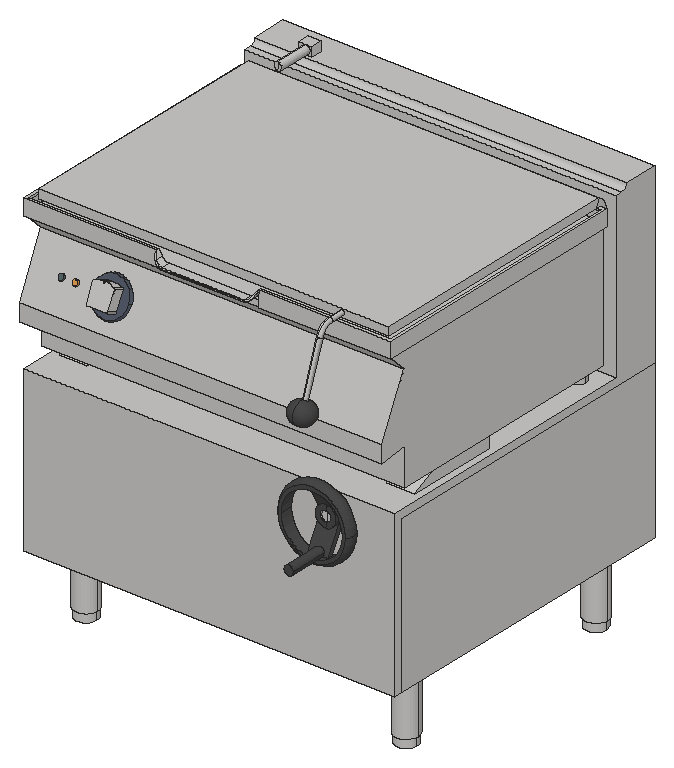
Revit family "QF_ZANUSSI_372183_Z7BREHDNFX", category Specialty Equipment, Revit 2018
Family settings
  Round Connector Dimension = Use Diameter
  Part Type = Normal
  Work Plane-Based = No
  Always vertical = Yes
  Cut with Voids When Loaded = No
  Shared = No
  Room Calculation Point = No
Parameters
  Width = 800 mm  # constant formula
  Weight in Pounds = 232  # constant formula
  Weight = 0.00 kg
  Watts = 9500 VA  # 9500 W
  Volts = 400 V  # constant formula
  URL Manufacturer = "http://www.zanussiprofessional.com"
  URL Cutsheet = "www.electrolux.com"
  URL = "http://www.zanussiprofessional.com"
  Type Mark [instance] = ""
  Steam Supply Size = 0"
  Steam Supply Minimum Pressure = 0.00 psi
  Steam Supply Maximum Pressure = 0.00 psi
  Steam Pounds per Hour = 0
  Status [instance] = ""
  Specification by User [instance] = ""
  Specification by Manufacturer = ""
  Show Logo [instance] = yes
  Show Clearance [instance] = yes
  Serial Number = ""
  Seismic Rating = ""
  SMACNA No = ""
  Revision Code [instance] = ""
  Refrigeration Suction Line Size = 0"
  Refrigeration Liquid Line Size = 0"
  Refrigerant Compressor Remote = yes
  Plumbing Remarks [instance] = ""
  Plumbing Connection Type [instance] = ""
  Phase = 3  # constant formula
  Omniclass Number and Title = ""
  Number of Poles [instance] = 1
  NAFEM Spec ID Number = ""
  Model = "Z7BREHDNFX"
  Min Ckt Ampacity = 0 A
  Max Overcurrent Protection = 0 A
  Masterspec = ""
  Manufacturer = "Zanussi"
  Length Actual = 800 mm  # constant formula
  Item Number [instance] = "372183"
  Installed By [instance] = ""
  Identify Quantity as Lot [instance] = yes
  Hot Water Size = 0"
  Height Actual = 850 mm  # constant formula
  Height = 887 mm  # constant formula
  HP = "12.7 HP"
  Gas Size = 0"
  Gas KW = 0
  Gas Input Pressure = 0.0 Btu/h
  Furnished By [instance] = ""
  Foodservice Equipment Identifier [instance] = yes
  FL Amps = if(Phase = 3, Watts / (Volts * 1.73), Watts / Volts)  # 13.7283 A
  Electrical Remarks [instance] = "400 V/3N ph/50/60 Hz"  # constant formula
  Electric Connection Type [instance] = ""
  Elec Conn RI Height [instance] = 0 mm
  Elec Conn Connection Height [instance] = 0 mm
  Direct Waste Size = 0"
  Description = "60LT EL.TILT.BRAISING PAN-DUOMAT BOTTOM"
  Depth Actual = 700 mm  # constant formula
  Depth = 828 mm  # constant formula
  Cycle [instance] = if([60 Hertz Option], 60 Hz, 50 Hz)  # 60 Hz
  Conn Plug = ""
  Conn Conduit = yes
  Condensate Return Size = 0"
  Compressed Air Volume = 0 GPM
  Compressed Air Size = 0"
  Compressed Air Pressure = 0.00 psi
  Cold Water Temperature Recommended [instance] = -459.67 °F
  Cold Water Size = 3/4"
  Cold Water RI Height [instance] = 0 mm
  Cold Water Minimum Pressure = 0.00 psi
  Cold Water Maximum Pressure = 0.00 psi
  Cold Water Flow [instance] = 0 GPM
  Cold Water Consumption = ""
  Cold Water Connection Height = 0 mm
  CSI MasterFormat = ""
  CSI Master Format = ""
  Assembly Code = ""
  Apparent Power = if(Phase = 3, Volts * FL Amps * 1.73, Volts * FL Amps)  # 9500 VA
  Accessory = yes
  60 Hertz Option [instance] = not([50 Hertz Option])  # yes
  50 Hertz Option [instance] = no
Reference planes
  plane 1 "BACK": y = 0
  plane 2: z = 0
  plane 3 "LEFT": x = 0
  plane 4 "RIGHT": x = 800
  plane 5 "FRONT": y = -828
  plane 6 "TOP": z = 887
  plane 7 "Center Y": x = 400
  plane 8 "Center X": y = -414
  plane 9 "Base": z = 150
  plane 10: y = -698.5
  plane 11: z = 502.193
  plane 12: z = 1443
  plane 13: y = -559.5
  plane 14: y = -501.5
Forms (mm)
  Revolve 1, solid, material "QF_Finishes_Stainless Steel"
    sketch origin (0, -88.9, 0) x (1, 0, 0) y (0, 0, 1)
      loop
        line (55, 0) -> (55, 150) -> (29.6, 150) -> (29.6, 19.05) -> (32.1, 19.05) -> (32.1, 0) -> (55, 0)
      axis (55, 0) -> (55, 150)
    angle from 0 to 360
  Revolve 2, solid, material "QF_Finishes_Stainless Steel"
    sketch origin (0, -598.9, 0) x (1, 0, 0) y (0, 0, 1)
      loop
        line (55, 0) -> (55, 150) -> (29.6, 150) -> (29.6, 19.05) -> (32.1, 19.05) -> (32.1, 0) -> (55, 0)
      axis (55, 0) -> (55, 150)
    angle from 0 to 360
  Revolve 3, solid, material "QF_Finishes_Stainless Steel"
    sketch origin (800, -88.9, 0) x (-1, 0, 0) y (0, 0, -1)
      loop
        line (55, 0) -> (32.1, 0) -> (32.1, -19.05) -> (29.6, -19.05) -> (29.6, -150) -> (55, -150) -> (55, 0)
      axis (55, 0) -> (55, -150)
    angle from 0 to 360
  Revolve 4, solid, material "QF_Finishes_Stainless Steel"
    sketch origin (800, -598.9, 0) x (-1, 0, 0) y (0, 0, -1)
      loop
        line (55, 0) -> (32.1, 0) -> (32.1, -19.05) -> (29.6, -19.05) -> (29.6, -150) -> (55, -150) -> (55, 0)
      axis (55, 0) -> (55, -150)
    angle from 0 to 360
  Extrusion 5, solid, material "QF_Finishes_Stainless Steel"
    sketch origin (0, 0, 150) x (-1, 0, 0) y (0, -1, 0)
      loop
        line (0, 0) -> (0, 683.5) -> (-800, 683.5) -> (-800, 0) -> (0, 0)
    from 0 to 337.193
  Extrusion 6, solid, material "QF_Finishes_Stainless Steel"
    sketch origin (0, 0, 0) x (0, 1, 0) y (0, 0, 1)
      loop
        line (0, 487.193) -> (0, 867.193) -> (-75, 867.193)
        arc (-75, 867.193) -> (-78.499, 858.747) -> (-86.945, 855.248) r 11.945
        line (-86.945, 855.248) -> (-101.945, 855.248) -> (-101.945, 502.193) -> (-698.5, 502.193) -> (-698.5, 150) -> (-683.5, 150) -> (-683.5, 487.193) -> (0, 487.193)
    from 0 to 800
  Extrusion 7, solid, material "QF_Finishes_Stainless Steel"
    sketch origin (0, 0, 0) x (0, 1, 0) y (0, 0, 1)
      loop
        line (-125.971, 533.406) -> (-125.971, 811.127) -> (-698.5, 811.127) -> (-698.5, 798.476) -> (-663.47, 763.446) -> (-720.524, 641.094) -> (-720.524, 606.094) -> (-660.971, 613.406) -> (-660.971, 533.406) -> (-125.971, 533.406)
    from 10 to 790
  Sweep 8, solid, material "QF_Finishes_Stainless Steel"
    path origin (0, 0, 150) x (-1, 0, 0) y (0, -1, 0)
      loop
        line (-510, 698.5) -> (-790, 698.5) -> (-790, 125.971) -> (-10, 125.971) -> (-10, 698.5) -> (-290, 698.5)
    profile origin (150, -698.5, 150) x (0, 1, 0) y (0, 0, 1)
      loop
        line (0, 651.359) -> (0, 681.062) -> (1, 681.062) -> (1, 685.301) -> (-5, 685.301) -> (-5, 651.359) -> (0, 651.359)
  Extrusion 9, solid, material "QF_Finishes_Stainless Steel"
    sketch origin (0, 0, 0) x (0, 1, 0) y (0, 0, 1)
      loop
        line (-129.401, 832.662) -> (-121.156, 851) -> (-686.625, 851) -> (-686.625, 832.662) -> (-129.401, 832.662)
      loop
        arc (-102.57, 826.022) -> (-109.804, 839.749) -> (-120.955, 850.539) r 49.182
        line (-120.955, 850.539) -> (-127.806, 835.301) -> (-120.971, 835.301) -> (-120.971, 821.604) -> (-102.57, 803.204) -> (-102.57, 826.022)
    from 22.259 to 777.741
  Sweep 10, solid, material "QF_Finishes_Stainless Steel"
    path origin (0, 0, 0) x (0, 1, 0) y (0, 0, 1)
      loop
        line (-686.625, 841.831) -> (-718.854, 841.831)
        arc (-718.854, 841.831) -> (-736.061, 836.406) -> (-747.044, 822.092) r 30
        line (-747.044, 822.092) -> (-785.322, 716.924)
    profile origin (0, -702.739, 841.831) x (0, 0, -1) y (1, 0, 0)
      loop
        circle (0, 676.16) r 5
  Revolve 11, solid, material "QF_Finishes_Black"
    sketch origin (676.16, 0, 0) x (0, 1, 0) y (0, 0, 1)
      loop
        line (-785.322, 716.924) -> (-792.738, 719.623)
        arc (-792.738, 719.623) -> (-818.978, 701.075) -> (-800.713, 674.638) r 22.845
        line (-800.713, 674.638) -> (-785.322, 716.924)
      axis (-785.322, 716.924) -> (-800.713, 674.638)
    angle from 0 to 360
  Revolve 12, solid, material "QF_Finishes_Black"
    sketch origin (675, 0, 0) x (0, 1, 0) y (0, 0, 1)
      loop
        line (-698.5, 467.193) -> (-698.5, 477.193) -> (-713.5, 477.193) -> (-713.5, 482.193) -> (-718.5, 482.193) -> (-718.5, 489.514) -> (-728.5, 489.514) -> (-728.5, 478.353) -> (-727.138, 478.353) -> (-727.138, 467.193) -> (-698.5, 467.193)
      axis (-698.5, 467.193) -> (-728.5, 467.193)
    angle from 0 to 360
  Sweep 13, solid, material "QF_Finishes_Black"
    path origin (0, 0, 0) x (1, 0, 0) y (0, 0, 1)
      loop
        circle (675, 467.193) r 80
    profile origin (675, 0, 547.193) x (0, 0, -1) y (0, -1, 0)
      loop
        arc (7.394, 765.784) -> (0.586, 756.102) -> (1.641, 744.313) r 17.21
        line (1.641, 744.313) -> (7.394, 740.784) -> (14.116, 740.784) -> (14.116, 765.784) -> (7.394, 765.784)
  Extrusion 14, solid, material "QF_Finishes_Black"
    sketch origin (0, 0, 0) x (0, 1, 0) y (0, 0, 1)
      loop
        line (-713.5, 457.193) -> (-713.5, 477.193) -> (-744.313, 533.065) -> (-751.622, 533.065) -> (-719.104, 474.103) -> (-719.104, 460.284) -> (-751.622, 401.321) -> (-744.313, 401.321) -> (-713.5, 457.193)
    from 654.029 to 698.392
  Extrusion 15, solid, material "QF_Finishes_Black"
    sketch origin (0, 0, 0) x (1, 0, 0) y (0, 0, 1)
      loop
        circle (675, 406.31) r 10
    from 742.86 to 828
  Extrusion 16, solid, material "QF_Finishes_Stainless Steel"
    sketch origin (0, 0, 0) x (0, 1, 0) y (0, 0, 1)
      loop
        line (-424, 533.406) -> (-560.004, 533.406) -> (-624, 502.193) -> (-424, 502.193) -> (-424, 533.406)
    from 16.63 to 76.513
  Extrusion 17, solid, material "QF_Finishes_Stainless Steel"
    sketch origin (800, 0, 0) x (0, 1, 0) y (0, 0, -1)
      loop
        line (-424, -533.406) -> (-424, -502.193) -> (-624, -502.193) -> (-560.004, -533.406) -> (-424, -533.406)
    from 16.63 to 76.513
  Extrusion 18, solid, material "QF_Finishes_Stainless Steel"
    sketch origin (0, 0, 150) x (-1, 0, 0) y (0, -1, 0)
      loop
        circle (-46.571, 145.004) r 15
      loop
        circle (-753.429, 145.004) r 15
    from 352.193 to 383.406
  Extrusion 19, solid, material "QF_Finishes_Stainless Steel"
    sketch origin (0, 0, 0) x (0, 1, 0) y (0, 0, 1)
      loop
        line (-43.387, 867.193) -> (-43.387, 887) -> (-67.444, 887) -> (-67.444, 867.193) -> (-43.387, 867.193)
    from 87.469 to 116.843
  Revolve 20, solid, material "QF_Finishes_Stainless Steel"
    sketch origin (103.25, 0, 0) x (0, 1, 0) y (0, 0, 1)
      loop
        line (-67.444, 877.097) -> (-67.444, 885.222) -> (-142.444, 885.222) -> (-142.444, 877.097) -> (-67.444, 877.097)
      axis (-142.444, 877.097) -> (-67.444, 877.097)
    angle from 0 to 360
  Extrusion 21, solid, material "QF_Finishes_Clearance", visible <- "Show Clearance", detail levels coarse
    sketch origin (0, -801.152, 398.521) x (0, 0.406737, -0.913545) y (0, 0.913545, 0.406737)
      loop
        line (-129.401, 832.662) -> (-121.156, 851) -> (-697.494, 851) -> (-697.494, 832.662) -> (-129.401, 832.662)
    from 22.259 to 777.741
  Sweep 22, solid, material "QF_Finishes_Clearance", visible <- "Show Clearance", detail levels coarse
    path origin (0, -805.573, 408.45) x (0, 0.406737, -0.913545) y (0, 0.913545, 0.406737)
      loop
        line (-686.625, 841.831) -> (-718.854, 841.831)
        arc (-718.854, 841.831) -> (-736.061, 836.406) -> (-747.044, 822.092) r 30
        line (-747.044, 822.092) -> (-785.322, 716.924)
    profile origin (0, -322.352, 1392.837) x (0, -0.913545, -0.406737) y (1, 0, 0)
      loop
        circle (0, 676.16) r 5
  Revolve 23, solid, material "QF_Finishes_Clearance", visible <- "Show Clearance", detail levels coarse
    sketch origin (676.16, -805.573, 408.45) x (0, 0.406737, -0.913545) y (0, 0.913545, 0.406737)
      loop
        line (-785.322, 716.924) -> (-792.738, 719.623)
        arc (-792.738, 719.623) -> (-818.978, 701.075) -> (-800.713, 674.638) r 22.845
        line (-800.713, 674.638) -> (-785.322, 716.924)
      axis (-785.322, 716.924) -> (-800.713, 674.638)
    angle from 0 to 360
  Extrusion 24, solid, material "QF_Finishes_Stainless Steel"
    sketch origin (0, 0, 0) x (1, 0, 0) y (0, 0, 1)
      loop
        line (510, 828.805) -> (510, 835.205) -> (502.68, 822.527)
        arc (502.68, 822.527) -> (496.677, 816.524) -> (488.477, 814.327) r 16.4
        line (488.477, 814.327) -> (311.53, 814.327)
        arc (311.53, 814.327) -> (303.324, 816.526) -> (297.316, 822.534) r 16.413
        line (297.316, 822.534) -> (290, 835.205) -> (290, 828.805) -> (294.545, 820.934)
        arc (294.545, 820.934) -> (301.724, 813.755) -> (311.53, 811.127) r 19.613
        line (311.53, 811.127) -> (488.477, 811.127)
        arc (488.477, 811.127) -> (498.277, 813.753) -> (505.452, 820.927) r 19.6
        line (505.452, 820.927) -> (510, 828.805)
    from 697.5 to 717.595
  Extrusion 25, void
    sketch origin (0, 0, 0) x (0, 1, 0) y (0, 0, 1)
      loop
        line (-720.087, 808.369) -> (-702.971, 836.16) -> (-720.087, 836.16) -> (-720.087, 808.369)
    from 290 to 510
  Extrusion 26, solid, material "QF_Finishes_Stainless Steel"
    sketch origin (0, 0, 0) x (0, 1, 0) y (0, 0, 1)
      loop
        circle (-559.5, 326) r 6.35
    from 366.631 to 389
  Extrusion 27, solid, material "QF_Finishes_Stainless Steel"
    sketch origin (0, 0, 0) x (1, 0, 0) y (0, 0, 1)
      loop
        circle (340, 221) r 3.175
    from 501.5 to 519.119
  Extrusion 28, solid, material "QF_Finishes_Clearance", visible <- "Show Clearance", detail levels coarse
    sketch origin (0, 0, 0) x (1, 0, 0) y (0, 1, 0)
      loop
        line (800, 0) -> (800, -703.5) -> (850, -703.5) -> (850, 50) -> (-50, 50) -> (-50, -703.5) -> (0, -703.5) -> (0, 0) -> (800, 0)
    from 0 to 920
  Extrusion 29, solid, material "QF_Plastic-Black-Matte"
    sketch origin (127.5, -691.997, 702.27) x (0, 0.422618, 0.906308) y (0, 0.906308, -0.422618)
      loop
        line (26.984, -34) -> (23.984, -34) -> (23.984, -35) -> (26.984, -35)
        arc (26.984, -35) -> (27.691, -34.707) -> (27.984, -34) r 1
        line (27.984, -34) -> (27.984, -19) -> (26.984, -19) -> (26.984, -34)
    from -58.5 to -56.5
  Extrusion 30, solid, material "QF_Finishes_Stainless Steel"
    sketch origin (185, -691.997, 702.27) x (-1, 0, 0) y (0, -0.422618, -0.906308)
      loop
        line (17.5, -17.5) -> (17.5, 17.5) -> (-17.5, 17.5) -> (-17.5, -17.5) -> (17.5, -17.5)
    from 5 to 10
  Extrusion 31, solid, material "QF_Finishes_Stainless Steel"
    sketch origin (185, -691.997, 702.27) x (-1, 0, 0) y (0, -0.422618, -0.906308)
      loop
        arc (-21.147, -22.789) -> (0, -26.984) -> (21.147, -22.789) r 55.4
        arc (21.147, -22.789) -> (22.494, -21.685) -> (23, -20.019) r 2.997
        line (23, -20.019) -> (23, 20.019)
        arc (23, 20.019) -> (22.122, 22.138) -> (20.003, 23.016) r 2.997
        line (20.003, 23.016) -> (-20.003, 23.016)
        arc (-20.003, 23.016) -> (-22.122, 22.138) -> (-23, 20.019) r 2.997
        line (-23, 20.019) -> (-23, -20.019)
        arc (-23, -20.019) -> (-22.494, -21.685) -> (-21.147, -22.789) r 2.997
    from 10 to 34
  Blend 32, solid, material "QF_Finishes_Navy Blue"
    base sketch origin (185, -691.997, 702.27) x (1, 0, 0) y (0, 0.422618, 0.906308)
      loop
        circle (0, 0) r 42.5
    top sketch origin (185, -691.997, 702.27) x (1, 0, 0) y (0, 0.422618, 0.906308)
      loop
        circle (0, 0) r 40.5
    from 0 to 5
  Extrusion 33, solid, material "QF_Finishes_Orange"
    sketch origin (-292.768, -846.834, 370.221) x (0, 0.422618, 0.906308) y (-1, 0, 0)
      loop
        circle (366.376, -400) r 6
    from 0 to 1.6
  Extrusion 34, solid, material "QF_Finishes_DarkGreen"
    sketch origin (-322.768, -846.834, 370.221) x (0, 0.422618, 0.906308) y (-1, 0, 0)
      loop
        circle (366.376, -400) r 6
    from 0 to 1.6
Cuts and joins
  Extrusion 25 cuts Extrusion 24
  joined: Extrusion 7, Sweep 8, Extrusion 24
Lines and regions (mm)
  Split face 1
    outline origin (185, -696.528, 704.383) x (1, 0, 0) y (0, 0.422618, 0.906308)
      loop
        arc (-0.521, 36.501) -> (-26.491, 26.394) -> (-37.708, 0.884) r 36.411
        line (-37.708, 0.884) -> (-31.708, 0.884)
        arc (-31.708, 0.884) -> (-21.998, 23.844) -> (-0.521, 36.501) r 39.733
  Split face 2
    outline origin (185, -696.528, 704.383) x (1, 0, 0) y (0, 0.422618, 0.906308)
      loop
        circle (-30.633, -14.752) r 1.5
  Split face 3
    outline origin (185, -696.528, 704.383) x (1, 0, 0) y (0, 0.422618, 0.906308)
      loop
        circle (-21.199, -26.582) r 1.5
  Split face 4
    outline origin (185, -696.528, 704.383) x (1, 0, 0) y (0, 0.422618, 0.906308)
      loop
        circle (-7.566, -33.148) r 1.5
  Split face 5
    outline origin (185, -696.528, 704.383) x (1, 0, 0) y (0, 0.422618, 0.906308)
      loop
        circle (7.566, -33.148) r 1.5
  Split face 6
    outline origin (185, -696.528, 704.383) x (1, 0, 0) y (0, 0.422618, 0.906308)
      loop
        circle (21.199, -26.582) r 1.5
  Split face 7
    outline origin (185, -696.528, 704.383) x (1, 0, 0) y (0, 0.422618, 0.906308)
      loop
        circle (30.633, -14.752) r 1.5
  Split face 8
    outline origin (185, -696.528, 704.383) x (1, 0, 0) y (0, 0.422618, 0.906308)
      loop
        circle (34, 0) r 1.5
  Split face 9
    outline origin (185, -696.528, 704.383) x (1, 0, 0) y (0, -0.422618, -0.906308)
      loop
        circle (30.633, -14.752) r 1.5
  Split face 10
    outline origin (185, -696.528, 704.383) x (1, 0, 0) y (0, -0.422618, -0.906308)
      loop
        circle (21.199, -26.582) r 1.5
  symbolic lines
    curve 1: line (0, -703.5, 150) -> (289.945, -703.5, 150)
    curve 2: line (10, -720.524, 150) -> (10, -703.5, 150)
    curve 3: line (790, -720.524, 150) -> (681.16, -720.524, 150)
    curve 4: line (790, -703.5, 150) -> (790, -720.524, 150)
    curve 5: line (289.945, -703.5, 150) -> (304.541, -717.595, 150)
    curve 6: line (304.541, -717.595, 150) -> (495.459, -717.595, 150)
    curve 7: line (510.055, -703.5, 150) -> (495.459, -717.595, 150)
    curve 8: line (510.055, -703.5, 150) -> (671.16, -703.5, 150)
    curve 9: line (11, -697.5, 150) -> (789, -697.5, 150)
    curve 10: line (11, -126.971, 150) -> (11, -697.5, 150)
    curve 11: line (789, -697.5, 150) -> (789, -126.971, 150)
    curve 12: line (5, -120.971, 150) -> (5, -703.5, 150)
    curve 13: line (0, 0, 150) -> (0, -703.5, 150)
    curve 14: line (800, -703.5, 150) -> (800, 0, 150)
    curve 15: line (795, -703.5, 150) -> (795, -120.971, 150)
    curve 16: line (0, -101.945, 150) -> (95.125, -101.945, 150)
    curve 17: line (0, -75, 150) -> (95.125, -75, 150)
    curve 18: line (5, -120.971, 150) -> (95.125, -120.971, 150)
    curve 19: line (789, -126.971, 150) -> (111.375, -126.971, 150)
    curve 20: line (95.125, -142.444, 150) -> (111.375, -142.444, 150)
    curve 21: line (95.125, -67.444, 150) -> (95.125, -142.444, 150)
    curve 22: line (111.375, -142.444, 150) -> (111.375, -67.444, 150)
    curve 23: line (87.469, -67.444, 150) -> (116.843, -67.444, 150)
    curve 24: line (87.469, -43.387, 150) -> (87.469, -67.444, 150)
    curve 25: line (116.843, -43.387, 150) -> (87.469, -43.387, 150)
    curve 26: line (116.843, -67.444, 150) -> (116.843, -43.387, 150)
    curve 27: line (111.375, -75, 150) -> (800, -75, 150)
    curve 28: line (111.375, -101.945, 150) -> (800, -101.945, 150)
    curve 29: line (111.375, -120.971, 150) -> (795, -120.971, 150)
    curve 30: line (95.125, -126.971, 150) -> (11, -126.971, 150)
    curve 31: line (90.125, -126.971, 150) -> (90.125, -139.636, 150)
    curve 32: line (116.375, -126.971, 150) -> (116.375, -139.636, 150)
    curve 33: arc (90.125, -139.636, 150) -> (103.25, -152.761, 150) -> (116.375, -139.636, 150) r 13.125
    curve 34: spline (676.16, -792.738, 150) -> (677.763, -792.583, 150) -> (679.3, -792.125, 150) -> (680.705, -791.384, 150) -> (681.921, -790.39, 150) -> (682.897, -789.184, 150) -> (683.591, -787.817, 150) -> (683.976, -786.346, 150) -> (684.034, -784.833, 150) -> (683.764, -783.339, 150) -> (683.176, -781.929, 150) -> (682.296, -780.66, 150) -> (681.16, -779.586, 150)
    curve 35: spline (681.16, -785.322, 150) -> (681.117, -785.936, 150) -> (680.99, -786.539, 150) -> (680.78, -787.12, 150) -> (680.49, -787.672, 150) -> (680.127, -788.183, 150) -> (679.696, -788.645, 150) -> (679.204, -789.05, 150) -> (678.66, -789.391, 150) -> (678.074, -789.663, 150) -> (677.454, -789.861, 150) -> (676.813, -789.981, 150) -> (676.16, -790.021, 150)
    curve 36: spline (676.16, -790.021, 150) -> (675.507, -789.981, 150) -> (674.866, -789.861, 150) -> (674.247, -789.663, 150) -> (673.66, -789.391, 150) -> (673.116, -789.05, 150) -> (672.625, -788.645, 150) -> (672.193, -788.183, 150) -> (671.83, -787.672, 150) -> (671.541, -787.12, 150) -> (671.33, -786.539, 150) -> (671.203, -785.936, 150) -> (671.16, -785.322, 150)
    curve 37: spline (671.16, -779.586, 150) -> (670.024, -780.66, 150) -> (669.144, -781.929, 150) -> (668.557, -783.339, 150) -> (668.286, -784.833, 150) -> (668.345, -786.346, 150) -> (668.729, -787.817, 150) -> (669.424, -789.184, 150) -> (670.399, -790.39, 150) -> (671.615, -791.384, 150) -> (673.02, -792.125, 150) -> (674.557, -792.583, 150) -> (676.16, -792.738, 150)
    curve 38: line (665, -828, 150) -> (685, -828, 150)
    curve 39: line (665, -816.861, 150) -> (665, -828, 150)
    curve 40: line (685, -828, 150) -> (685, -817.805, 150)
    curve 41: arc (671.16, -766.632, 150) -> (676.16, -819.318, 150) -> (681.16, -766.632, 150) r 26.58
    curve 42: line (602.394, -765.784, 150) -> (671.16, -765.784, 150)
    curve 43: line (596.641, -744.313, 150) -> (671.16, -744.313, 150)
    curve 44: line (602.394, -740.784, 150) -> (671.16, -740.784, 150)
    curve 45: line (747.606, -740.784, 150) -> (753.359, -744.313, 150)
    curve 46: arc (747.606, -765.784, 150) -> (754.475, -756.118, 150) -> (753.359, -744.313, 150) r 17.007
    curve 47: line (602.394, -740.784, 150) -> (596.641, -744.313, 150)
    curve 48: arc (602.394, -765.784, 150) -> (595.525, -756.118, 150) -> (596.641, -744.313, 150) r 17.007
    curve 49: line (664.934, -768.644, 150) -> (664.934, -765.784, 150)
    curve 50: line (685.084, -767.7, 150) -> (685.084, -765.784, 150)
    curve 51: line (671.16, -785.322, 150) -> (671.16, -697.5, 150)
    curve 52: line (681.16, -785.322, 150) -> (681.16, -697.5, 150)
    curve 53: line (681.16, -703.5, 150) -> (800, -703.5, 150)
    curve 54: line (671.16, -720.524, 150) -> (208, -720.524, 150)
    curve 55: line (681.16, -740.784, 150) -> (747.606, -740.784, 150)
    curve 56: line (681.16, -744.313, 150) -> (753.359, -744.313, 150)
    curve 57: line (681.16, -765.784, 150) -> (747.606, -765.784, 150)
    curve 58: line (654.029, -740.784, 150) -> (654.029, -720.524, 150)
    curve 59: line (698.392, -740.784, 150) -> (698.392, -720.524, 150)
    curve 60: line (22.259, -686.625, 150) -> (22.259, -126.971, 150)
    curve 61: line (22.259, -686.625, 150) -> (777.741, -686.625, 150)
    curve 62: line (777.741, -686.625, 150) -> (777.741, -126.971, 150)
    curve 63: line (162, -720.524, 150) -> (10, -720.524, 150)
    curve 64: line (0, 0, 150) -> (800, 0, 150)
    curve 68: spline (148.012, -703.5, 0) -> (148.802, -704.205, 0) -> (149.668, -704.895, 0) -> (150.608, -705.567, 0) -> (151.619, -706.22, 0) -> (152.699, -706.854, 0) -> (153.847, -707.465, 0) -> (155.059, -708.054, 0) -> (156.334, -708.619, 0) -> (157.668, -709.159, 0) -> (159.059, -709.673, 0) -> (160.504, -710.159, 0) -> (162, -710.617, 0)
    curve 69: line (162, -703.5, 0) -> (162, -731.272, 0)
    curve 70: spline (206.147, -713.18, 0) -> (204.543, -712.913, 0) -> (202.92, -712.666, 0) -> (201.279, -712.441, 0) -> (199.623, -712.238, 0) -> (197.952, -712.056, 0) -> (196.269, -711.897, 0) -> (194.576, -711.76, 0) -> (192.872, -711.645, 0) -> (191.162, -711.553, 0) -> (189.445, -711.483, 0) -> (187.724, -711.436, 0) -> (186, -711.411, 0)
    curve 71: line (208, -731.272, 0) -> (208, -703.5, 0)
    curve 72: spline (205.003, -732.538, 0) -> (205.394, -732.528, 0) -> (205.778, -732.495, 0) -> (206.15, -732.442, 0) -> (206.501, -732.369, 0) -> (206.827, -732.277, 0) -> (207.122, -732.167, 0) -> (207.381, -732.043, 0) -> (207.598, -731.905, 0) -> (207.772, -731.756, 0) -> (207.898, -731.6, 0) -> (207.974, -731.437, 0) -> (208, -731.272, 0)
    curve 73: line (164.997, -732.538, 0) -> (205.003, -732.538, 0)
    curve 74: spline (162, -731.272, 0) -> (162.026, -731.437, 0) -> (162.102, -731.6, 0) -> (162.228, -731.756, 0) -> (162.402, -731.905, 0) -> (162.619, -732.043, 0) -> (162.878, -732.167, 0) -> (163.173, -732.277, 0) -> (163.499, -732.369, 0) -> (163.85, -732.442, 0) -> (164.222, -732.495, 0) -> (164.606, -732.528, 0) -> (164.997, -732.538, 0)
    curve 75: line (184, -703.924, 0) -> (184, -713.639, 0)
    curve 76: line (186, -713.639, 0) -> (186, -703.924, 0)
    curve 77: spline (208, -710.617, 0) -> (209.496, -710.159, 0) -> (210.941, -709.673, 0) -> (212.332, -709.159, 0) -> (213.666, -708.619, 0) -> (214.941, -708.054, 0) -> (216.153, -707.465, 0) -> (217.301, -706.854, 0) -> (218.381, -706.22, 0) -> (219.392, -705.567, 0) -> (220.332, -704.895, 0) -> (221.198, -704.205, 0) -> (221.988, -703.5, 0)
    curve 78: spline (184, -711.411, 0) -> (182.276, -711.436, 0) -> (180.555, -711.483, 0) -> (178.838, -711.553, 0) -> (177.128, -711.645, 0) -> (175.424, -711.76, 0) -> (173.731, -711.897, 0) -> (172.048, -712.056, 0) -> (170.377, -712.238, 0) -> (168.721, -712.441, 0) -> (167.081, -712.666, 0) -> (165.457, -712.913, 0) -> (163.853, -713.18, 0)
  symbolic lines, style "QF-Clearances", visible <- "Show Clearance", detail levels coarse
    curve 65: line (-50, 50, 150) -> (-50, -703.5, 150)
    curve 66: line (850, 50, 150) -> (850, -703.5, 150)
    curve 67: line (850, 50, 150) -> (-50, 50, 150)
Dimensions and locks
  equal spacing: plane 3 "LEFT", plane 7 "Center Y", plane 4 "RIGHT"
  "Width": plane 3 "LEFT" to plane 4 "RIGHT"
  equal spacing: plane 5 "FRONT", plane 8 "Center X", plane 1 "BACK"
  "Depth": plane 5 "FRONT" to plane 1 "BACK"
  "Height": plane 6 "TOP" to level
  plane 9 "Base" to level = 150 mm
  plane 1 "BACK" to plane 10 = 698.5 mm
  plane 12 to level = 1443 mm
  Extrusion 26 to plane 3 "LEFT" = 389 mm
  Extrusion 26 to plane 9 "Base" = 176 mm
  plane 13 to plane 10 = 139 mm
  plane 14 to plane 10 = 197 mm
  aligned and locked: level to plane 2
  aligned and locked: plane 4 "RIGHT" to Extrusion 6
Automatic sketch dimensions
  Revolve 11 sketch curve to plane 5 "FRONT" = 27.287 mm
  Revolve 11 sketch curve to Revolve 11 sketch curve = 0 mm  (x4)
  Revolve 11 sketch curve to Revolve 11 sketch curve = 4.229 mm
  Revolve 11 sketch curve to Revolve 11 sketch curve = 3.746 mm
  Revolve 11 sketch curve to Revolve 11 sketch curve = 7.415 mm
  plane 11 to Revolve 11 sketch curve = 172.444 mm
  Revolve 11 sketch curve to Revolve 11 sketch curve = 22.45 mm
  Extrusion 21 sketch curve to plane 12 = 68.613 mm
  plane 8 "Center X" to Extrusion 21 sketch curve = 89.827 mm
  Extrusion 21 sketch curve to Extrusion 21 sketch curve = 568.093 mm
  Extrusion 21 sketch curve to Extrusion 21 sketch curve = 8.244 mm
  Extrusion 21 sketch curve to Extrusion 21 sketch curve = 18.338 mm
  Sweep 22 sketch curve to plane 12 = 25.524 mm
  Sweep 22 sketch curve to plane 8 "Center X" = 56.05 mm
  Sweep 22 sketch curve to Sweep 22 sketch curve = 38.278 mm
  Sweep 22 sketch curve to Sweep 22 sketch curve = 28.191 mm
  Sweep 22 sketch curve to Sweep 22 sketch curve = 32.229 mm
  Sweep 22 sketch curve to Sweep 22 sketch curve = 94.908 mm
  Sweep 22 sketch curve to Sweep 22 sketch curve = 10.261 mm
  Sweep 22 sketch curve to profile plane = 0 mm
  profile plane to Sweep 22 sketch curve = 676.16 mm
  Revolve 23 sketch curve to plane 12 = 28.663 mm
  Revolve 23 sketch curve to plane 8 "Center X" = 100.94 mm
  Revolve 23 sketch curve to Revolve 23 sketch curve = 0 mm  (x4)
  Revolve 23 sketch curve to Revolve 23 sketch curve = 4.229 mm
  Revolve 23 sketch curve to Revolve 23 sketch curve = 3.746 mm
  Revolve 23 sketch curve to Revolve 23 sketch curve = 7.415 mm
  Revolve 23 sketch curve to Revolve 23 sketch curve = 22.45 mm
  Extrusion 24 sketch curve to Extrusion 24 sketch curve = 0 mm  (x4)
  Extrusion 24 sketch curve to plane 7 "Center Y" = 110 mm
  Extrusion 24 sketch curve to plane 6 "TOP" = 66.066 mm
  Extrusion 24 sketch curve to Extrusion 24 sketch curve = 4.545 mm
  Extrusion 24 sketch curve to Extrusion 24 sketch curve = 2.771 mm  (x2)
  Extrusion 24 sketch curve to Extrusion 24 sketch curve = 14.214 mm
  plane 7 "Center Y" to Extrusion 24 sketch curve = 88.477 mm
  Extrusion 24 sketch curve to Extrusion 24 sketch curve = 14.203 mm
  Extrusion 24 sketch curve to plane 6 "TOP" = 66.073 mm
  Extrusion 24 sketch curve to plane 6 "TOP" = 51.795 mm
  Extrusion 24 sketch curve to Extrusion 24 sketch curve = 7.32 mm
  Extrusion 24 sketch curve to Extrusion 24 sketch curve = 6.6 mm
  Extrusion 24 sketch curve to Extrusion 24 sketch curve = 3.2 mm
  Extrusion 24 sketch curve to Extrusion 24 sketch curve = 6.4 mm  (x2)
  Extrusion 24 sketch curve to Extrusion 24 sketch curve = 7.872 mm
  Extrusion 27 sketch curve to plane 7 "Center Y" = 60 mm
  plane 9 "Base" to Extrusion 27 sketch curve = 71 mm
  Extrusion 16 sketch curve to plane 11 = 0 mm
  plane 13 to Extrusion 16 sketch curve = 64.5 mm
  plane 13 to Extrusion 16 sketch curve = 0.504 mm
  Extrusion 16 sketch curve to plane 8 "Center X" = 10 mm
  plane 11 to Extrusion 16 sketch curve = 31.213 mm
  plane 11 to Extrusion 17 sketch curve = 0 mm
  plane 13 to Extrusion 17 sketch curve = 64.5 mm
  plane 13 to Extrusion 17 sketch curve = 0.504 mm
  Extrusion 17 sketch curve to plane 8 "Center X" = 10 mm
  plane 11 to Extrusion 17 sketch curve = 31.213 mm
  Extrusion 26 sketch curve to plane 13 = 0 mm
  plane 9 "Base" to Extrusion 26 sketch curve = 176 mm
  Revolve 1 sketch curve to plane 9 "Base" = 0 mm  (x2)
  Revolve 1 sketch curve to level = 0 mm
  plane 3 "LEFT" to Revolve 1 sketch curve = 29.6 mm
  Revolve 1 sketch curve to Revolve 1 sketch curve = 2.5 mm
  Revolve 1 sketch curve to Revolve 1 sketch curve = 25.4 mm
  Revolve 1 sketch curve to Revolve 1 sketch curve = 0 mm
  level to Revolve 1 sketch curve = 19.05 mm
  plane 9 "Base" to Revolve 1 sketch curve = 20 mm
  Revolve 2 sketch curve to plane 9 "Base" = 0 mm  (x2)
  Revolve 2 sketch curve to level = 0 mm
  plane 3 "LEFT" to Revolve 2 sketch curve = 29.6 mm
  Revolve 2 sketch curve to Revolve 2 sketch curve = 2.5 mm
  Revolve 2 sketch curve to Revolve 2 sketch curve = 25.4 mm
  Revolve 2 sketch curve to Revolve 2 sketch curve = 0 mm
  level to Revolve 2 sketch curve = 19.05 mm
  Revolve 2 sketch curve to Revolve 2 sketch curve = 20 mm
  Revolve 3 sketch curve to plane 9 "Base" = 0 mm  (x2)
  Revolve 3 sketch curve to level = 0 mm
  Revolve 3 sketch curve to plane 4 "RIGHT" = 29.6 mm
  Revolve 3 sketch curve to Revolve 3 sketch curve = 2.5 mm
  Revolve 3 sketch curve to Revolve 3 sketch curve = 25.4 mm
  Revolve 3 sketch curve to Revolve 3 sketch curve = 0 mm
  Revolve 3 sketch curve to Revolve 3 sketch curve = 20 mm
  level to Revolve 3 sketch curve = 19.05 mm
  Revolve 4 sketch curve to plane 9 "Base" = 0 mm  (x2)
  Revolve 4 sketch curve to level = 0 mm
  Revolve 4 sketch curve to plane 4 "RIGHT" = 29.6 mm
  Revolve 4 sketch curve to Revolve 4 sketch curve = 2.5 mm
  Revolve 4 sketch curve to Revolve 4 sketch curve = 25.4 mm
  Revolve 4 sketch curve to Revolve 4 sketch curve = 0 mm
  Revolve 4 sketch curve to Revolve 4 sketch curve = 20 mm
  level to Revolve 4 sketch curve = 19.05 mm
  plane 1 "BACK" to Extrusion 5 sketch curve = 0 mm
  Extrusion 5 sketch curve to plane 4 "RIGHT" = 0 mm
  Extrusion 5 sketch curve to plane 3 "LEFT" = 0 mm
  plane 10 to Extrusion 5 sketch curve = 15 mm
  Extrusion 6 sketch curve to plane 10 = 0 mm
  Extrusion 6 sketch curve to plane 9 "Base" = 0 mm
  plane 11 to Extrusion 6 sketch curve = 0 mm
  Extrusion 6 sketch curve to plane 1 "BACK" = 0 mm
  plane 10 to Extrusion 6 sketch curve = 15 mm
  plane 1 "BACK" to Extrusion 6 sketch curve = 101.945 mm
  Extrusion 6 sketch curve to Extrusion 6 sketch curve = 15 mm
  Extrusion 6 sketch curve to Extrusion 6 sketch curve = 11.945 mm
  Extrusion 6 sketch curve to plane 11 = 15 mm
  Extrusion 6 sketch curve to plane 6 "TOP" = 31.752 mm
  Extrusion 7 sketch curve to plane 10 = 0 mm
  Extrusion 7 sketch curve to plane 10 = 22.024 mm
  plane 10 to Extrusion 7 sketch curve = 35.03 mm
  plane 10 to Extrusion 7 sketch curve = 37.529 mm
  plane 11 to Extrusion 7 sketch curve = 31.213 mm
  plane 1 "BACK" to Extrusion 7 sketch curve = 125.971 mm
  Extrusion 7 sketch curve to Extrusion 7 sketch curve = 72.688 mm
  Extrusion 7 sketch curve to Extrusion 7 sketch curve = 7.312 mm
  Extrusion 7 sketch curve to Extrusion 7 sketch curve = 35 mm
  Extrusion 7 sketch curve to plane 6 "TOP" = 123.554 mm
  Extrusion 7 sketch curve to Extrusion 7 sketch curve = 35.03 mm
  Extrusion 7 sketch curve to plane 6 "TOP" = 75.873 mm
  Sweep 8 sketch curve to plane 10 = 0 mm  (x2)
  Sweep 8 sketch curve to plane 4 "RIGHT" = 10 mm
  plane 7 "Center Y" to Sweep 8 sketch curve = 110 mm
  Sweep 8 sketch curve to plane 7 "Center Y" = 110 mm
  plane 3 "LEFT" to Sweep 8 sketch curve = 10 mm
  plane 1 "BACK" to Sweep 8 sketch curve = 125.971 mm
  Sweep 8 sketch curve to profile plane = 0 mm
  profile plane to Sweep 8 sketch curve = 5 mm
  Sweep 8 sketch curve to profile plane = 1 mm
  plane 9 "Base" to Sweep 8 sketch curve = 651.359 mm
  Sweep 8 sketch curve to Sweep 8 sketch curve = 29.703 mm
  Sweep 8 sketch curve to Sweep 8 sketch curve = 4.238 mm
  plane 10 to Extrusion 9 sketch curve = 11.875 mm
  plane 1 "BACK" to Extrusion 9 sketch curve = 149.153 mm
  Extrusion 9 sketch curve to plane 6 "TOP" = 54.338 mm
  Extrusion 9 sketch curve to Extrusion 9 sketch curve = 19.752 mm
  Extrusion 9 sketch curve to plane 6 "TOP" = 51.699 mm
  Extrusion 9 sketch curve to Extrusion 9 sketch curve = 1.594 mm
  Extrusion 9 sketch curve to Extrusion 9 sketch curve = 6.65 mm
  Extrusion 9 sketch curve to Extrusion 9 sketch curve = 8.43 mm
  Extrusion 9 sketch curve to Extrusion 9 sketch curve = 0.201 mm
  Extrusion 9 sketch curve to Extrusion 9 sketch curve = 18.4 mm
  Extrusion 9 sketch curve to Extrusion 9 sketch curve = 9.278 mm
  Extrusion 9 sketch curve to Extrusion 9 sketch curve = 13.697 mm
  Extrusion 9 sketch curve to Extrusion 9 sketch curve = 22.419 mm
  Extrusion 9 sketch curve to Extrusion 9 sketch curve = 22.819 mm
  Extrusion 9 sketch curve to Extrusion 9 sketch curve = 0.461 mm
  Sweep 10 sketch curve to plane 5 "FRONT" = 42.678 mm
  Sweep 10 sketch curve to plane 10 = 48.544 mm
  Sweep 10 sketch curve to plane 10 = 20.354 mm
  plane 10 to Sweep 10 sketch curve = 11.875 mm
  Sweep 10 sketch curve to plane 6 "TOP" = 170.076 mm
  Sweep 10 sketch curve to plane 6 "TOP" = 75.169 mm
  Sweep 10 sketch curve to Sweep 10 sketch curve = 10.261 mm
  Sweep 10 sketch curve to profile plane = 0 mm
  plane 3 "LEFT" to Sweep 10 sketch curve = 676.16 mm
  Revolve 12 sketch curve to plane 10 = 0 mm
  Revolve 12 sketch curve to plane 10 = 15 mm
  Revolve 12 sketch curve to Revolve 12 sketch curve = 5 mm  (x2)
  Revolve 12 sketch curve to Revolve 12 sketch curve = 8.638 mm
  Revolve 12 sketch curve to Revolve 12 sketch curve = 1.362 mm  (x2)
  Revolve 12 sketch curve to Revolve 12 sketch curve = 15 mm
  Revolve 12 sketch curve to plane 11 = 35 mm
  Revolve 12 sketch curve to Revolve 12 sketch curve = 0 mm
  Revolve 12 sketch curve to Revolve 12 sketch curve = 10 mm
  Revolve 12 sketch curve to Revolve 12 sketch curve = 11.16 mm
  Revolve 12 sketch curve to Revolve 12 sketch curve = 7.32 mm
  Sweep 13 sketch curve to plane 11 = 35 mm
  Sweep 13 sketch curve to plane 4 "RIGHT" = 125 mm
  Sweep 13 sketch curve to profile plane = 1.641 mm
  Sweep 13 sketch curve to profile plane = 7.394 mm
  Sweep 13 sketch curve to Sweep 13 sketch curve = 5.753 mm
  Sweep 13 sketch curve to Sweep 13 sketch curve = 6.722 mm
  Sweep 13 sketch curve to Sweep 13 sketch curve = 3.093 mm
  plane 1 "BACK" to Sweep 13 sketch curve = 740.784 mm
  Sweep 13 sketch curve to Sweep 13 sketch curve = 3.53 mm
  Sweep 13 sketch curve to Sweep 13 sketch curve = 10.864 mm
  Extrusion 14 sketch curve to plane 10 = 53.122 mm  (x2)
  Extrusion 14 sketch curve to Extrusion 14 sketch curve = 7.309 mm  (x2)
  Extrusion 14 sketch curve to plane 10 = 20.604 mm
  Extrusion 14 sketch curve to Extrusion 14 sketch curve = 5.604 mm
  Extrusion 14 sketch curve to plane 11 = 100.872 mm
  Extrusion 14 sketch curve to plane 11 = 45 mm
  Extrusion 14 sketch curve to Extrusion 14 sketch curve = 3.091 mm  (x2)
  Extrusion 14 sketch curve to Extrusion 14 sketch curve = 13.819 mm
  plane 11 to Extrusion 14 sketch curve = 30.872 mm
  Extrusion 15 sketch curve to plane 4 "RIGHT" = 125 mm
  Extrusion 15 sketch curve to plane 11 = 95.884 mm
  Extrusion 18 sketch curve to plane 4 "RIGHT" = 46.571 mm
  plane 3 "LEFT" to Extrusion 18 sketch curve = 46.571 mm
  plane 1 "BACK" to Extrusion 18 sketch curve = 145.004 mm  (x2)
  Extrusion 19 sketch curve to plane 6 "TOP" = 0 mm
  Extrusion 19 sketch curve to plane 6 "TOP" = 19.807 mm
  plane 1 "BACK" to Extrusion 19 sketch curve = 67.444 mm
  Extrusion 19 sketch curve to Extrusion 19 sketch curve = 24.058 mm
  Revolve 20 sketch curve to plane 6 "TOP" = 9.903 mm
  plane 1 "BACK" to Revolve 20 sketch curve = 142.444 mm
  plane 1 "BACK" to Revolve 20 sketch curve = 67.444 mm
  Revolve 20 sketch curve to Revolve 20 sketch curve = 0 mm  (x2)
  Revolve 20 sketch curve to Revolve 20 sketch curve = 8.521 mm
  Revolve 20 sketch curve to plane 6 "TOP" = 1.778 mm
  Extrusion 25 sketch curve to plane 10 = 21.587 mm
  Extrusion 25 sketch curve to plane 10 = 4.471 mm
  Extrusion 25 sketch curve to plane 6 "TOP" = 78.631 mm
  Extrusion 25 sketch curve to Extrusion 25 sketch curve = 27.791 mm
  curve 66 to plane 10 = 5 mm
  plane 4 "RIGHT" to curve 66 = 50 mm
  curve 65 to plane 10 = 5 mm
  curve 65 to plane 3 "LEFT" = 50 mm
  curve 65 to plane 1 "BACK" = 50 mm
  Extrusion 28 sketch curve to plane 3 "LEFT" = 0 mm
  plane 1 "BACK" to Extrusion 28 sketch curve = 0 mm
  Extrusion 28 sketch curve to plane 4 "RIGHT" = 0 mm
  Extrusion 28 sketch curve to plane 3 "LEFT" = 50 mm
  plane 4 "RIGHT" to Extrusion 28 sketch curve = 50 mm
  Extrusion 28 sketch curve to plane 10 = 5 mm  (x2)
  Extrusion 28 sketch curve to plane 1 "BACK" = 50 mm
  Extrusion 29 sketch curve to plane 10 = 15.082 mm
  Extrusion 29 sketch curve to plane 6 "TOP" = 148.202 mm
  Extrusion 29 sketch curve to Extrusion 29 sketch curve = 3 mm
  Extrusion 29 sketch curve to Extrusion 29 sketch curve = 0 mm
  Extrusion 29 sketch curve to Extrusion 29 sketch curve = 1 mm  (x2)
  Extrusion 29 sketch curve to Extrusion 29 sketch curve = 15 mm
  Extrusion 30 sketch curve to plane 7 "Center Y" = 197.5 mm
  Extrusion 30 sketch curve to Extrusion 30 sketch curve = 35 mm  (x2)
  Extrusion 31 sketch curve to plane 7 "Center Y" = 192 mm
  Extrusion 31 sketch curve to Extrusion 31 sketch curve = 2.997 mm  (x3)
  Extrusion 31 sketch curve to Extrusion 31 sketch curve = 20.003 mm  (x2)
  Extrusion 31 sketch curve to Extrusion 31 sketch curve = 40.005 mm
  Extrusion 31 sketch curve to Extrusion 31 sketch curve = 0 mm  (x2)
  Extrusion 31 sketch curve to Extrusion 31 sketch curve = 40.037 mm
  Extrusion 31 sketch curve to Extrusion 31 sketch curve = 5.399 mm
  plane 3 "LEFT" to Blend 32 sketch curve = 185 mm  (x2)
  Split face 1 sketch curve to Split face 1 sketch curve = 6 mm
  Split face 1 sketch curve to Split face 1 sketch curve = 30.402 mm
  Split face 1 sketch curve to Split face 1 sketch curve = 9.201 mm
  Split face 1 sketch curve to Split face 1 sketch curve = 2.43 mm
  Split face 1 sketch curve to Split face 1 sketch curve = 0.785 mm
  plane 3 "LEFT" to Extrusion 33 sketch curve = 107.232 mm
  plane 3 "LEFT" to Extrusion 34 sketch curve = 77.232 mm
  plane 1 "BACK" to curve 64 = 0 mm
  curve 64 to plane 4 "RIGHT" = 0 mm
  plane 5 "FRONT" to curve 40 = 0 mm
  curve 13 to plane 3 "LEFT" = 0 mm
  curve 15 to plane 4 "RIGHT" = 5 mm
  curve 3 to plane 4 "RIGHT" = 10 mm
  plane 10 to curve 11 = 1 mm
  curve 4 to curve 11 = 1 mm
  curve 9 to curve 61 = 11.259 mm
  curve 3 to curve 56 = 36.641 mm
  curve 46 to curve 57 = 5.753 mm
  curve 46 to curve 55 = 5.753 mm
  curve 45 to curve 46 = 9.558 mm
  curve 46 to curve 40 = 62.606 mm
  curve 40 to curve 52 = 3.84 mm
  curve 35 to curve 41 = 5 mm
  curve 41 to curve 51 = 5 mm
  curve 38 to curve 38 = 20 mm
  curve 43 to curve 48 = 59.208 mm
  curve 47 to plane 10 = 42.284 mm
  curve 48 to curve 47 = 9.558 mm
  curve 48 to curve 42 = 9.558 mm
  curve 47 to plane 10 = 45.813 mm
  curve 44 to curve 47 = 5.753 mm
  curve 7 to plane 10 = 5 mm
  curve 43 to curve 7 = 86.586 mm
  curve 7 to curve 6 = 14.596 mm
  curve 5 to plane 10 = 19.095 mm
  curve 5 to plane 7 "Center Y" = 95.459 mm
  curve 5 to plane 10 = 5 mm
  curve 5 to curve 5 = 14.596 mm
  plane 1 "BACK" to curve 26 = 43.387 mm
  plane 3 "LEFT" to curve 26 = 116.843 mm
  curve 23 to curve 32 = 0.467 mm
  curve 32 to curve 22 = 5 mm
  curve 20 to curve 33 = 8.125 mm
  curve 21 to curve 33 = 5 mm
  curve 21 to curve 23 = 7.657 mm
  plane 3 "LEFT" to curve 60 = 22.259 mm
  plane 3 "LEFT" to curve 30 = 11 mm
  plane 3 "LEFT" to curve 63 = 10 mm
  plane 3 "LEFT" to curve 12 = 5 mm
  curve 25 to curve 26 = 24.058 mm
  curve 23 to curve 18 = 53.527 mm
  plane 1 "BACK" to curve 29 = 120.971 mm
  curve 12 to curve 30 = 6 mm
  curve 15 to curve 11 = 6 mm
  curve 32 to curve 32 = 12.666 mm
  curve 33 to curve 20 = 2.808 mm
  plane 10 to curve 61 = 11.875 mm
  curve 53 to plane 10 = 5 mm
  curve 4 to curve 3 = 17.024 mm
  curve 2 to curve 63 = 17.024 mm
  curve 55 to plane 10 = 42.284 mm
  curve 45 to curve 56 = 3.53 mm
  curve 45 to curve 46 = 10.933 mm
  curve 44 to curve 48 = 10.933 mm
  curve 57 to curve 52 = 19.539 mm
  curve 51 to curve 35 = 0 mm
  curve 35 to curve 41 = 7.415 mm
  curve 59 to curve 3 = 17.232 mm
  curve 50 to curve 57 = 3.924 mm
  curve 37 to curve 52 = 2.891 mm
  curve 34 to curve 37 = 0 mm
  curve 36 to curve 35 = 0 mm
  curve 34 to curve 41 = 0 mm
  curve 41 to curve 49 = 6.226 mm
  curve 54 to curve 58 = 17.131 mm
  curve 54 to plane 10 = 22.024 mm
  curve 1 to curve 54 = 81.945 mm
  curve 54 to curve 63 = 46 mm
  curve 22 to curve 27 = 7.556 mm
  curve 21 to curve 17 = 7.556 mm
  curve 16 to curve 18 = 19.025 mm
  curve 16 to curve 28 = 0 mm
  curve 42 to curve 41 = 0.848 mm
  curve 37 to curve 36 = 5.737 mm
  curve 34 to curve 35 = 5.737 mm
  curve 34 to curve 35 = 0 mm
  curve 35 to curve 34 = 2.717 mm
  curve 69 to plane 10 = 32.772 mm
  plane 3 "LEFT" to curve 69 = 162 mm
  curve 69 to curve 73 = 2.997 mm
  curve 73 to curve 73 = 40.005 mm
  curve 72 to curve 71 = 2.997 mm
  curve 73 to curve 74 = 1.267 mm
  curve 73 to curve 71 = 1.267 mm
  curve 68 to plane 10 = 5 mm
  curve 68 to curve 69 = 13.988 mm
  plane 10 to curve 77 = 1.972 mm
  curve 77 to curve 68 = 3.512 mm
  curve 68 to curve 77 = 0 mm  (x2)
  curve 78 to curve 74 = 32.4 mm
  curve 70 to curve 78 = 0 mm
  curve 68 to curve 78 = 1.853 mm
  curve 75 to plane 10 = 5.424 mm
  curve 69 to curve 75 = 22 mm
  curve 75 to curve 77 = 1 mm
  curve 70 to curve 72 = 17.005 mm
  curve 78 to curve 70 = 0 mm  (x2)
  curve 75 to curve 76 = 2 mm
  curve 70 to curve 77 = 1.853 mm
  curve 77 to plane 10 = 5 mm
  curve 71 to curve 77 = 13.988 mm
  curve 70 to curve 74 = 3.549 mm
  curve 76 to curve 75 = 9.715 mm
  curve 75 to curve 76 = 0 mm  (x2)
  curve 78 to plane 10 = 14.68 mm
  curve 70 to curve 77 = 2.564 mm
  curve 78 to curve 68 = 2.564 mm
  curve 71 to plane 10 = 5 mm
  curve 69 to plane 10 = 5 mm
  radius of Sweep 22 sketch curve = 5 mm
  radius of Extrusion 27 sketch curve = 3.175 mm
  radius of Extrusion 26 sketch curve = 6.35 mm
  radius of Sweep 10 sketch curve = 5 mm
  radius of Sweep 13 sketch curve = 80 mm
  radius of Extrusion 15 sketch curve = 10 mm
  radius of Extrusion 18 sketch curve = 15 mm  (x2)
  radius of Blend 32 sketch curve = 42.5 mm
  radius of Blend 32 sketch curve = 40.5 mm
  radius of Extrusion 33 sketch curve = 6 mm
  radius of Extrusion 34 sketch curve = 6 mm
  radius of Split face 2 sketch curve = 1.5 mm
  radius of Split face 3 sketch curve = 1.5 mm
  radius of Split face 4 sketch curve = 1.5 mm
  radius of Split face 5 sketch curve = 1.5 mm
  radius of Split face 6 sketch curve = 1.5 mm
  radius of Split face 7 sketch curve = 1.5 mm
  radius of Split face 8 sketch curve = 1.5 mm
  radius of Split face 9 sketch curve = 1.5 mm
  radius of Split face 10 sketch curve = 1.5 mm
Connectors
  piping at (389, -559.5, 326), diameter 12.8
    settings: on Extrusion 26, index 1, connector inside diameter 0.50394", connector length 0 mm, flow factor 0, pipe flow 0 GPM, pressure drop 0.00 psi, fitting loss kfactor 0, connector angle 0.00°, fixture units 0, engagement length 0 mm, angle of deflection 0.00°, flow configuration 1, flow direction 1, fitting loss method 0, system type 20, joint type 0, gender type 0, connector reference index -1, connector utility 0, adjustable connector no, is connector primary yes, connector description "Domestic Cold Water Inlet"
  electrical at (340, -501.5, 221), driven by "Volts", driven by "Watts"
    settings: on Extrusion 27, index 2, voltage 400 V, apparent load 9500 VA, apparent load phase1 0 VA, apparent load phase2 0 VA, apparent load phase3 0 VA, power factor 1, load classification "Other", number of poles 1, system type 30, power factor state 1, is connector primary yes, connector utility no, sub classification motor no, connector description "Electrical Connection"
